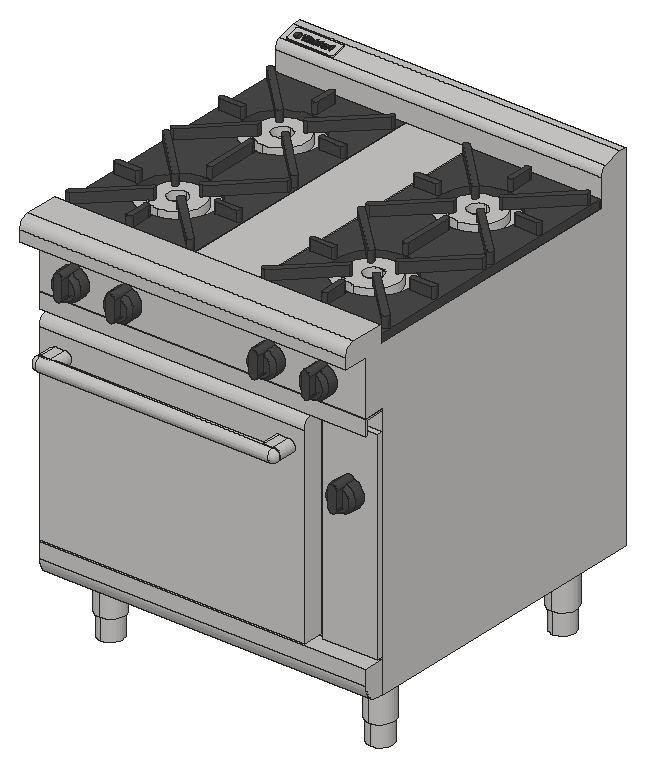
Revit family "QF_MOFFAT WALDORF_RNL8510G", category Specialty Equipment, Revit 2012 (continued)
Definition of nested family "WALDORF LOGO"
  Forms (mm)
    Extrusion 2, solid, material "QF_Finishes_Black", visible <- "Show Logo"
      sketch origin (0, -19.462, 25.302) x (1, 0, 0) y (0, 0.965914, 0.258862)
        loop
          line (84.549, 17.844) -> (84.549, 19.813) -> (81.255, 19.813)
        loop
          line (90.249, 19.813) -> (88.91, 19.813) -> (88.91, 17.614) -> (90.249, 17.614) -> (90.249, 10.301) -> (93.998, 10.301) -> (93.998, 17.614) -> (95.418, 17.614) -> (95.418, 19.813) -> (93.998, 19.813)
          arc (93.998, 19.813) -> (94.414, 20.817) -> (95.418, 21.233) r 1.42
          line (95.418, 21.233) -> (95.418, 23.602) -> (93.317, 23.602)
          arc (93.317, 23.602) -> (91.343, 22.903) -> (90.249, 21.118) r 3.137
          line (90.249, 21.118) -> (90.249, 19.813)
        loop
          arc (15.241, 23.571) -> (8.392, 16.525) -> (15.241, 9.479) r 7.049
          line (15.241, 9.479) -> (15.241, 23.571)
        loop
          line (15.641, 23.571) -> (15.641, 9.479)
          arc (15.641, 9.479) -> (22.49, 16.525) -> (15.641, 23.571) r 7.049
        loop
          arc (47.922, 14.711) -> (46.266, 13.749) -> (47.922, 12.787) r 1.107
          line (47.922, 12.787) -> (47.922, 14.711)
      from 0 to 0.2
  Dimensions and locks
    equal spacing: plane 3 "LEFT", plane 7 "Center Y", plane 4 "RIGHT"
    plane 3 "LEFT" to plane 4 "RIGHT" = 109 mm
    equal spacing: plane 5 "FRONT", plane 8 "Center X", plane 1 "BACK"
    plane 5 "FRONT" to plane 1 "BACK" = 1.588 mm
    aligned and locked: level to plane 2
  Automatic sketch dimensions
    Extrusion 1 sketch curve to plane 3 "LEFT" = 0 mm
    Extrusion 1 sketch curve to plane 4 "RIGHT" = 0 mm
    plane 3 "LEFT" to Extrusion 1 sketch curve = 5 mm  (x2)
    plane 4 "RIGHT" to Extrusion 1 sketch curve = 5 mm  (x2)
    Extrusion 1 sketch curve to Extrusion 1 sketch curve = 24.14 mm
    Extrusion 2 sketch curve to Extrusion 2 sketch curve = 0 mm  (x14)
    Extrusion 2 sketch curve to Extrusion 1 = 15.241 mm
    Extrusion 2 sketch curve to Extrusion 2 sketch curve = 0.2 mm
    Extrusion 2 sketch curve to Extrusion 2 sketch curve = 0.4 mm
    Extrusion 2 sketch curve to Extrusion 2 sketch curve = 9.131 mm
    Extrusion 2 sketch curve to Extrusion 1 = 10.301 mm  (x2)
    Extrusion 2 sketch curve to Extrusion 2 sketch curve = 12.351 mm
    Extrusion 2 sketch curve to Extrusion 2 sketch curve = 3.628 mm
    Extrusion 2 sketch curve to Extrusion 2 sketch curve = 2.084 mm
    Extrusion 2 sketch curve to Extrusion 2 sketch curve = 3.559 mm
    Extrusion 2 sketch curve to Extrusion 1 = 10.926 mm  (x2)
    Extrusion 2 sketch curve to Extrusion 2 sketch curve = 3.352 mm  (x2)
    Extrusion 2 sketch curve to Extrusion 2 sketch curve = 3.367 mm
    Extrusion 2 sketch curve to Extrusion 2 sketch curve = 3.249 mm
    Extrusion 2 sketch curve to Extrusion 2 sketch curve = 3.654 mm
    Extrusion 2 sketch curve to Extrusion 1 = 15.33 mm
    Extrusion 2 sketch curve to Extrusion 2 sketch curve = 3.233 mm
    Extrusion 2 sketch curve to Extrusion 2 sketch curve = 4.128 mm
    Extrusion 2 sketch curve to Extrusion 2 sketch curve = 3.725 mm
    Extrusion 2 sketch curve to Extrusion 2 sketch curve = 5.596 mm
    Extrusion 2 sketch curve to Extrusion 2 sketch curve = 4.333 mm
    Extrusion 2 sketch curve to Extrusion 2 sketch curve = 1.394 mm
    Extrusion 2 sketch curve to Extrusion 2 sketch curve = 2.092 mm
    Extrusion 2 sketch curve to Extrusion 2 sketch curve = 0.936 mm
    Extrusion 2 sketch curve to Extrusion 2 sketch curve = 1.34 mm
    Extrusion 2 sketch curve to Extrusion 2 sketch curve = 1.109 mm
    Extrusion 2 sketch curve to Extrusion 2 sketch curve = 0.232 mm
    Extrusion 2 sketch curve to Extrusion 2 sketch curve = 2.731 mm
    Extrusion 2 sketch curve to Extrusion 2 sketch curve = 0.549 mm  (x2)
    Extrusion 2 sketch curve to Extrusion 2 sketch curve = 0.407 mm
    Extrusion 2 sketch curve to Extrusion 2 sketch curve = 0.76 mm
    Extrusion 2 sketch curve to Extrusion 2 sketch curve = 1.334 mm
    Extrusion 2 sketch curve to Extrusion 2 sketch curve = 4.219 mm
    Extrusion 2 sketch curve to Extrusion 2 sketch curve = 5.142 mm
    Extrusion 2 sketch curve to Extrusion 2 sketch curve = 0.803 mm
    Extrusion 2 sketch curve to Extrusion 2 sketch curve = 1.558 mm
    Extrusion 2 sketch curve to Extrusion 2 sketch curve = 3.504 mm
    Extrusion 2 sketch curve to Extrusion 2 sketch curve = 6.245 mm
    Extrusion 2 sketch curve to Extrusion 2 sketch curve = 6.632 mm
    Extrusion 2 sketch curve to Extrusion 2 sketch curve = 3.294 mm
    Extrusion 2 sketch curve to Extrusion 2 sketch curve = 3.579 mm
    Extrusion 2 sketch curve to Extrusion 2 sketch curve = 2.313 mm
    Extrusion 2 sketch curve to Extrusion 2 sketch curve = 2.612 mm
    Extrusion 2 sketch curve to Extrusion 2 sketch curve = 0.852 mm
    Extrusion 2 sketch curve to Extrusion 2 sketch curve = 0.897 mm
    Extrusion 2 sketch curve to Extrusion 2 sketch curve = 3.102 mm
    Extrusion 2 sketch curve to Extrusion 2 sketch curve = 1.338 mm
    Extrusion 2 sketch curve to Extrusion 2 sketch curve = 3.068 mm
    Extrusion 2 sketch curve to Extrusion 2 sketch curve = 0.681 mm
    Extrusion 2 sketch curve to Extrusion 2 sketch curve = 3.749 mm
    Extrusion 2 sketch curve to Extrusion 2 sketch curve = 1.42 mm
    Extrusion 2 sketch curve to Extrusion 2 sketch curve = 5.029 mm  (x2)
    Extrusion 2 sketch curve to Extrusion 1 = 9.479 mm
    Extrusion 2 sketch curve to Extrusion 2 sketch curve = 3.681 mm
    Extrusion 2 sketch curve to Extrusion 2 sketch curve = 0.515 mm
    Extrusion 2 sketch curve to Extrusion 2 sketch curve = 0.804 mm
    Extrusion 2 sketch curve to Extrusion 2 sketch curve = 1.062 mm
    Extrusion 2 sketch curve to Extrusion 2 sketch curve = 1.682 mm
    Extrusion 2 sketch curve to Extrusion 2 sketch curve = 2.508 mm
    Extrusion 2 sketch curve to Extrusion 2 sketch curve = 0.962 mm
    Extrusion 2 sketch curve to Extrusion 2 sketch curve = 2.528 mm
    Extrusion 2 sketch curve to Extrusion 2 sketch curve = 3.875 mm
    Extrusion 2 sketch curve to Extrusion 2 sketch curve = 1.096 mm
    Extrusion 2 sketch curve to Extrusion 2 sketch curve = 0.123 mm
    Extrusion 2 sketch curve to Extrusion 2 sketch curve = 4.922 mm
    Extrusion 2 sketch curve to Extrusion 2 sketch curve = 7.046 mm
    Extrusion 2 sketch curve to Extrusion 2 sketch curve = 0.833 mm
    Extrusion 2 sketch curve to Extrusion 2 sketch curve = 0.776 mm
    Extrusion 2 sketch curve to Extrusion 2 sketch curve = 2.034 mm
    Extrusion 2 sketch curve to Extrusion 2 sketch curve = 7.314 mm
    Extrusion 2 sketch curve to Extrusion 2 sketch curve = 1.295 mm
    Extrusion 2 sketch curve to Extrusion 2 sketch curve = 0.749 mm
    Extrusion 2 sketch curve to Extrusion 2 sketch curve = 2.633 mm
    Extrusion 2 sketch curve to Extrusion 2 sketch curve = 2.198 mm  (x2)
    Extrusion 2 sketch curve to Extrusion 2 sketch curve = 1.968 mm
    Extrusion 2 sketch curve to Extrusion 2 sketch curve = 0.653 mm
    Extrusion 2 sketch curve to Extrusion 2 sketch curve = 1.305 mm
    Extrusion 2 sketch curve to Extrusion 2 sketch curve = 4.357 mm
    Extrusion 2 sketch curve to Extrusion 2 sketch curve = 6.159 mm
    radius of Extrusion 2 sketch curve = 5 mm
Definition of nested family "RNL8400G-CB-CASTERS"
  Parameters (values of type "BTL8450-CB-CASTERS")
    Weight = ""
    URL Manufacturer = ""
    URL Cutsheet = ""
    URL = ""
    Type Mark [instance] = ""
    Status [instance] = ""
    Specification by User [instance] = ""
    Specification by Manufacturer = ""
    Show Casters [instance] = no
    Serial Number = ""
    Seismic Rating = ""
    SMACNA No = ""
    Revision Code [instance] = ""
    Omniclass Number and Title = ""
    NAFEM Spec ID Number = ""
    Model = ""
    MasterSpec. = ""
    Manufacturer = ""
    Item Number [instance] = ""
    Installed By [instance] = ""
    Identify Quantity as Lot [instance] = yes
    Furnished By [instance] = ""
    Foodservice Equipment Identifier [instance] = yes
    Description = ""
    CSI MasterFormat = ""
    CSI Master Format = ""
    Assembly Code = ""
  Reference planes
    plane 1: z = 0
    plane 2 "RIGHT": x = 0
    plane 3 "FRONT": y = 0
    plane 4 "TOP": z = 177.8
  Forms (mm)
    Revolve 1, solid, material "QF_Finishes_Stainless Steel", visible <- "Show Casters"
      sketch origin (0, 56.335, 0) x (0, 1, 0) y (0, 0, 1)
        loop
          line (-56.335, 152.4) -> (-56.335, 141.118) -> (-23.798, 141.118) -> (-23.798, 152.4) -> (-56.335, 152.4)
        axis (-56.335, 141.118) -> (-56.335, 152.4)
      angle from 0 to 360
    Extrusion 2, solid, material "QF_Finishes_Stainless Steel", visible <- "Show Casters"
      sketch origin (-46.049, 56.335, 0) x (0, 1, 0) y (0, 0, 1)
        loop
          line (-85.799, 141.118) -> (-85.799, 133.498) -> (-82.136, 133.498)
          arc (-82.136, 133.498) -> (-79.344, 132.328) -> (-77.146, 130.248) r 8.432
          line (-77.146, 130.248) -> (-39.502, 49.52)
          arc (-39.502, 49.52) -> (-13.784, 46.107) -> (-5.673, 70.75) r 20.32
          arc (-5.673, 70.75) -> (-7.065, 73.611) -> (-8.887, 76.22) r 20.32
          arc (-8.887, 76.22) -> (-9.399, 85.377) -> (-6.626, 94.119) r 25.4
          line (-6.626, 94.119) -> (8.003, 121.632)
          arc (8.003, 121.632) -> (-2.347, 126.31) -> (-13.34, 129.167) r 66.802
          line (-13.34, 129.167) -> (-13.765, 133.498) -> (-26.871, 133.498) -> (-26.871, 141.118) -> (-85.799, 141.118)
      from 20.058 to 22.923
    Extrusion 3, solid, material "QF_Finishes_Stainless Steel", visible <- "Show Casters"
      sketch origin (3.326, 56.335, 0) x (0, 1, 0) y (0, 0, 1)
        loop
          line (-85.799, 141.118) -> (-85.799, 133.498) -> (-82.136, 133.498)
          arc (-82.136, 133.498) -> (-79.344, 132.328) -> (-77.146, 130.248) r 8.432
          line (-77.146, 130.248) -> (-39.502, 49.52)
          arc (-39.502, 49.52) -> (-13.784, 46.107) -> (-5.673, 70.75) r 20.32
          arc (-5.673, 70.75) -> (-7.065, 73.611) -> (-8.887, 76.22) r 20.32
          arc (-8.887, 76.22) -> (-9.399, 85.377) -> (-6.626, 94.119) r 25.4
          line (-6.626, 94.119) -> (8.003, 121.632)
          arc (8.003, 121.632) -> (-2.347, 126.31) -> (-13.34, 129.167) r 66.802
          line (-13.34, 129.167) -> (-13.765, 133.498) -> (-26.871, 133.498) -> (-26.871, 141.118) -> (-85.799, 141.118)
      from 20.058 to 22.923
    Extrusion 4, solid, material "QF_Finishes_Stainless Steel", visible <- "Show Casters"
      sketch origin (-49.224, 56.335, 0) x (0, 1, 0) y (0, 0, 1)
        loop
          line (-85.799, 141.118) -> (-85.799, 133.498) -> (-82.136, 133.498) -> (-18.877, 127.964) -> (7.14, 120.01) -> (8.003, 121.632)
          arc (8.003, 121.632) -> (-2.347, 126.31) -> (-13.34, 129.167) r 66.802
          line (-13.34, 129.167) -> (-13.765, 133.498) -> (-26.871, 133.498) -> (-26.871, 141.118) -> (-85.799, 141.118)
      from 26.098 to 72.56
    Revolve 5, solid, material "QF_Finishes_Stainless Steel", visible <- "Show Casters"
      sketch origin (-49.224, 30.821, 0) x (1, 0, 0) y (0, 0, 1)
        loop
          line (14.841, 63.604) -> (83.584, 63.604) -> (83.584, 67.109) -> (82.314, 68.379) -> (80.79, 68.379) -> (80.79, 71.826) -> (68.644, 71.826) -> (68.644, 81.79) -> (65.088, 83.843) -> (61.683, 104.879) -> (65.881, 104.879) -> (65.881, 111.229) -> (65.088, 111.229) -> (65.088, 117.579)
          arc (65.088, 117.579) -> (62.298, 124.314) -> (55.563, 127.104) r 9.525
          line (55.563, 127.104) -> (42.863, 127.104)
          arc (42.863, 127.104) -> (36.127, 124.314) -> (33.338, 117.579) r 9.525
          line (33.338, 117.579) -> (33.338, 111.229) -> (32.544, 111.229) -> (32.544, 104.879) -> (36.742, 104.879) -> (33.352, 83.932) -> (29.782, 81.871) -> (29.782, 71.826) -> (17.635, 71.826) -> (17.635, 68.379) -> (16.111, 68.379) -> (14.841, 67.109) -> (14.841, 63.604)
        axis (14.841, 63.604) -> (83.584, 63.604)
      angle from 0 to 360
  Cuts and joins
    joined: Extrusion 2, Extrusion 3, Extrusion 4
  Lines and regions (mm)
    symbolic lines, style "SpecialityEquipmentHiddenLines", visible <- "Show Casters"
      curve 1: line (18.009, 67.053, 0) -> (45.595, 51.127, 0)
      curve 2: line (-45.491, -42.932, 0) -> (18.009, 67.053, 0)
      curve 3: line (-17.905, -58.859, 0) -> (-45.491, -42.932, 0)
      curve 4: line (45.595, 51.127, 0) -> (-17.905, -58.859, 0)
  Dimensions and locks
    plane 4 "TOP" to level = 177.8 mm  (x2)
    Revolve 5 sketch curve to Revolve 5 sketch curve = 63.5 mm
    aligned and locked: level to plane 1
